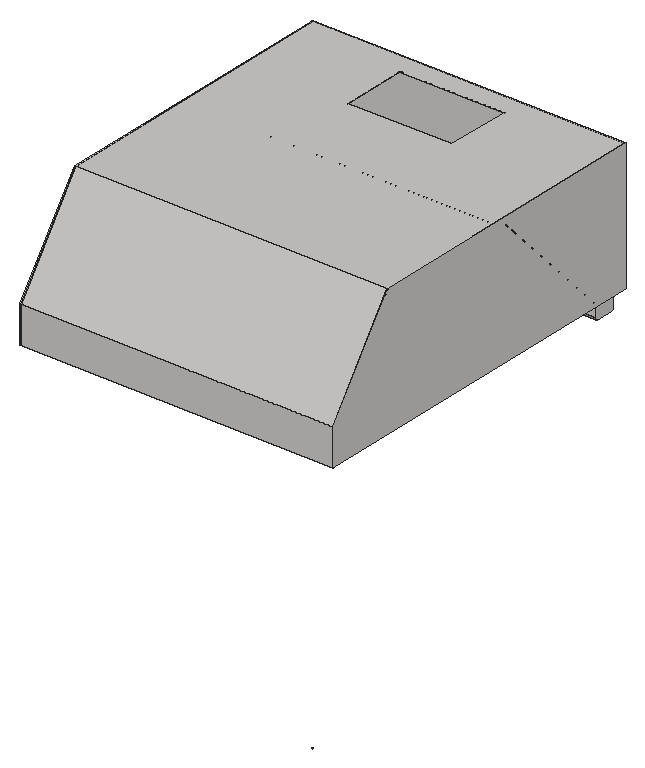
Revit family "QF_ELECTROLUXPROFESSIONAL_642157_BP1412BT", category Specialty Equipment, Revit 2014
Reference planes
  plane 1: z = 0
  plane 2 "Center (Left/Right)": x = 150
  plane 3 "LEFT": x = -450
  plane 4 "RIGHT": x = 750
  plane 5 "BACK": y = 550
  plane 6 "TOP": z = 2500
  plane 7 "Base": z = 2000
  plane 8: z = 1926
  plane 9 "DrainY": y = 485
  plane 10: x = -447
  plane 11: through (0, 414.509, 2000.8) normal (0, 0.7314, 0.682)
  plane 12: y = 470
  plane 13: y = 220
  plane 14 "DrainX": x = 632
  plane 15: x = 350
  plane 16: x = -50
  plane 17: x = 747
  plane 18: x = 542
  plane 19: x = 722
  plane 20: x = -410
  plane 21: x = -410
  plane 22: x = -10
  plane 23: x = 710
  plane 24: x = 710
  plane 25: x = 310
  plane 26: z = 2140
  plane 27: y = -590
  plane 28 "Center (Front/Back)": y = -150
  plane 29 "Front": y = -850
Forms (mm)
  Extrusion 1, solid, material "QF_Finishes_Stainless Steel"
    sketch origin (-450, 0, 360) x (0, 1, 0) y (0, 0, 1)
      loop
        line (550, 1640) -> (550, 2140) -> (-590, 2140) -> (-850, 1780) -> (-850, 1640) -> (550, 1640)
    from 0 to 3
  Extrusion 2, solid, material "QF_Finishes_Stainless Steel"
    sketch origin (150, 0, 360) x (0, 1, 0) y (0, 0, 1)
      loop
        line (415.255, 1640) -> (550, 1640) -> (550, 2139.19) -> (549.2, 2139.19) -> (549.2, 1640.8) -> (415.876, 1640.8) -> (339.347, 1722.867) -> (349.609, 1732.436) -> (348.927, 1733.167) -> (337.934, 1722.917) -> (415.255, 1640)
      loop
        line (-82.203, 2139.19) -> (-82.203, 2118.6) -> (-31.047, 2118.6) -> (34.354, 2048.466) -> (46.028, 2059.352) -> (45.346, 2060.083) -> (34.403, 2049.879) -> (-30.612, 2119.6) -> (-81.203, 2119.6) -> (-81.203, 2139.19) -> (-82.203, 2139.19)
    from -597 to 597
  Extrusion 3, solid, material "QF_Finishes_Stainless Steel"
    sketch origin (750, 0, 360) x (0, 1, 0) y (0, 0, 1)
      loop
        line (550, 1640) -> (550, 2140) -> (-590, 2140) -> (-850, 1780) -> (-850, 1640) -> (550, 1640)
    from 0 to -3
  Extrusion 4, solid, material "QF_Finishes_Stainless Steel"
    sketch origin (150, 0, 360) x (0, 1, 0) y (0, 0, 1)
      loop
        line (550, 2139.19) -> (550, 2140) -> (-590, 2140) -> (-850, 1780) -> (-850, 1640) -> (-849.2, 1640) -> (-849.2, 1779.741) -> (-589.598, 2139.19) -> (550, 2139.19)
    from -600 to 600
  Extrusion 5, solid, material "QF_Finishes_Stainless Steel"
    sketch origin (150, 0, 360) x (0, 1, 0) y (0, 0, 1)
      loop
        line (534, 1640) -> (436, 1640) -> (436, 1627) -> (443.5, 1627) -> (443.5, 1576)
        arc (443.5, 1576) -> (446.429, 1568.929) -> (453.5, 1566) r 10
        line (453.5, 1566) -> (516.5, 1566)
        arc (516.5, 1566) -> (523.571, 1568.929) -> (526.5, 1576) r 10
        line (526.5, 1576) -> (526.5, 1627) -> (534, 1627) -> (534, 1640)
    from 392 to 572
  Extrusion 6, solid, material "QF_Finishes_Stainless Steel"
    sketch origin (0, 0, 2000) x (0, 1, 0) y (-1, 0, 0)
      loop
        circle (485, -632) r 20
    from -76 to -74
  Extrusion 7, solid, material "QF_Finishes_Stainless Steel"
    sketch origin (150, 0, 360) x (0, 1, 0) y (0, 0, 1)
      loop
        line (337.934, 1722.917) -> (341.591, 1726.327) -> (38.011, 2051.876) -> (34.354, 2048.466) -> (337.934, 1722.917)
    from 160 to -160
  Extrusion 8, solid, material "QF_Finishes_Stainless Steel"
    sketch origin (150, 0, 360) x (0, 1, 0) y (0, 0, 1)
      loop
        line (337.934, 1722.917) -> (341.591, 1726.327) -> (38.011, 2051.876) -> (34.354, 2048.466) -> (337.934, 1722.917)
    from 597 to 560
  Extrusion 9, solid, material "QF_Finished_Chrome"
    sketch origin (150, 0, 360) x (0, 1, 0) y (0, 0, 1)
      loop
        line (341.588, 1726.324) -> (38.009, 2051.874) -> (34.354, 2048.466) -> (337.934, 1722.917) -> (341.588, 1726.324)
    from -560 to -160
  Extrusion 10, void
    sketch origin (700, 0, 2500) x (0, 1, 0) y (-1, 0, 0)
      loop
        line (470, 750) -> (220, 750) -> (220, 350) -> (470, 350) -> (470, 750)
    from 0 to -10
  Extrusion 11, solid, material "QF_Finishes_Stainless Steel"
    sketch origin (0, 0, 0) x (1, 0, 0) y (0, 1, 0)
      loop
        line (-450, 550) -> (-450, 549) -> (-449, 549) -> (-449, 550) -> (-450, 550)
    from 0 to 1
  Extrusion 12, solid, material "QF_Finishes_Stainless Steel"
    sketch origin (150, 0, 360) x (0, 1, 0) y (0, 0, 1)
      loop
        line (337.934, 1722.917) -> (341.591, 1726.327) -> (38.011, 2051.876) -> (34.354, 2048.466) -> (337.934, 1722.917)
    from -560 to -597
  Extrusion 13, solid, material "QF_Finished_Chrome"
    sketch origin (150, 0, 360) x (0, 1, 0) y (0, 0, -1)
      loop
        line (341.588, -1726.324) -> (337.934, -1722.917) -> (34.354, -2048.466) -> (38.009, -2051.874) -> (341.588, -1726.324)
    from -560 to -160
Cuts and joins
  Extrusion 10 cuts Extrusion 4
  joined: Extrusion 2, Extrusion 4
Lines and regions (mm)
  symbolic lines, style "SpecialityEquipment", detail levels coarse
    curve 1: line (750, 550, 2500) -> (-450, 550, 2500)
    curve 2: line (-450, 550, 2500) -> (-450, -850, 2500)
    curve 3: line (750, -850, 2500) -> (750, 550, 2500)
    curve 4: line (-50, 220, 2500) -> (350, 220, 2500)
    curve 5: line (-50, 470, 2500) -> (-50, 220, 2500)
    curve 6: line (350, 470, 2500) -> (-50, 470, 2500)
    curve 7: line (350, 220, 2500) -> (350, 470, 2500)
    curve 8: line (-450, -590, 0) -> (750, -590, 0)
    curve 9: line (-450, 550, 0) -> (750, -590, 0)
    curve 10: line (750, 550, 0) -> (-450, -590, 0)
    curve 11: line (-450, -850, 2500) -> (750, -850, 2500)
Dimensions and locks
  plane 3 "LEFT" to plane 4 "RIGHT" = 1200 mm
  equal spacing: plane 3 "LEFT", plane 2 "Center (Left/Right)", plane 4 "RIGHT"
  locked: plane 6 "TOP" to plane 7 "Base" at 500
  plane 7 "Base" to plane 8 = 74 mm
  plane 5 "BACK" to plane 9 "DrainY" = 65 mm  (x2)
  plane 3 "LEFT" to plane 10 = 3 mm
  plane 5 "BACK" to plane 12 = 80 mm
  plane 12 to plane 13 = 250 mm  (x2)
  plane 14 "DrainX" to plane 4 "RIGHT" = 118 mm
  plane 17 to plane 4 "RIGHT" = 3 mm
  locked: plane 18 to plane 14 "DrainX" at 90
  locked: plane 14 "DrainX" to plane 19 at 90
  plane 12 to plane 5 "BACK" = 80 mm
  plane 26 to plane 7 "Base" = 140 mm
  locked: plane 7 "Base" to level at 2000
  plane 5 "BACK" to plane 29 "Front" = 1400 mm  (x2)
  equal spacing: plane 5 "BACK", plane 28 "Center (Front/Back)", plane 29 "Front"
  locked: plane 16 to plane 15 at 400
  equal spacing: plane 22, plane 2 "Center (Left/Right)", plane 25
  equal spacing: plane 16, plane 2 "Center (Left/Right)", plane 15
  locked: plane 22 to plane 25 at 320
  locked: plane 3 "LEFT" to plane 20 at 40
  locked: plane 23 to plane 4 "RIGHT" at 40
  locked: plane 21 to plane 22 at 400
  locked: plane 25 to plane 24 at 400
  plane 20 to plane 21 = 0 mm
  plane 24 to plane 23 = 0 mm
  aligned and locked: level to plane 1
  aligned and locked: Extrusion 2 to Extrusion 1
  aligned and locked: Extrusion 2 to Extrusion 3
  aligned and locked: plane 4 "RIGHT" to Extrusion 4
  aligned and locked: Extrusion 4 to plane 3 "LEFT"
  aligned and locked: plane 17 to Extrusion 8
  aligned and locked: plane 16 to Extrusion 10
  aligned and locked: Extrusion 10 to plane 15
  aligned and locked: Extrusion 10 to plane 13
  aligned and locked: Extrusion 10 to plane 12
  aligned and locked: plane 19 to Extrusion 5
  aligned and locked: Extrusion 5 to plane 18
  aligned and locked: Extrusion 8 to plane 23
  aligned and locked: Extrusion 7 to plane 25
  aligned and locked: Extrusion 7 to plane 22
  aligned and locked: plane 22 to Extrusion 9
  aligned and locked: Extrusion 9 to plane 21
  aligned and locked: Extrusion 12 to plane 10
  aligned and locked: plane 20 to Extrusion 12
  aligned and locked: Extrusion 13 to plane 25
  aligned and locked: Extrusion 13 to plane 24
  aligned and locked: Extrusion 3 to plane 17
Automatic sketch dimensions
  Extrusion 2 sketch curve to plane 11 = 0 mm  (x3)
  Extrusion 2 sketch curve to plane 7 "Base" = 0 mm
  plane 11 to Extrusion 2 sketch curve = 0 mm
  Extrusion 2 sketch curve to plane 5 "BACK" = 0 mm
  Extrusion 2 sketch curve to Extrusion 2 sketch curve = 65.646 mm
  Extrusion 2 sketch curve to Extrusion 2 sketch curve = 0.682 mm  (x2)
  Extrusion 2 sketch curve to Extrusion 2 sketch curve = 10.261 mm
  plane 7 "Base" to Extrusion 2 sketch curve = 82.917 mm
  Extrusion 2 sketch curve to Extrusion 2 sketch curve = 10.942 mm
  Extrusion 2 sketch curve to Extrusion 2 sketch curve = 0.049 mm
  Extrusion 2 sketch curve to plane 6 "TOP" = 20.4 mm
  Extrusion 2 sketch curve to plane 6 "TOP" = 21.4 mm
  Extrusion 2 sketch curve to plane 6 "TOP" = 0.81 mm  (x2)
  Extrusion 2 sketch curve to Extrusion 2 sketch curve = 50.156 mm
  Extrusion 2 sketch curve to Extrusion 2 sketch curve = 1 mm
  plane 7 "Base" to Extrusion 2 sketch curve = 0.8 mm
  Extrusion 2 sketch curve to plane 5 "BACK" = 0.8 mm
  Extrusion 5 sketch curve to plane 7 "Base" = 0 mm
  Extrusion 5 sketch curve to plane 8 = 0 mm
  Extrusion 5 sketch curve to plane 7 "Base" = 13 mm  (x2)
  plane 12 to Extrusion 5 sketch curve = 34 mm
  Extrusion 5 sketch curve to Extrusion 5 sketch curve = 7.5 mm  (x2)
  Extrusion 5 sketch curve to Extrusion 5 sketch curve = 10 mm
  plane 9 "DrainY" to Extrusion 5 sketch curve = 31.5 mm
  Extrusion 5 sketch curve to plane 5 "BACK" = 23.5 mm
  Extrusion 6 sketch curve to plane 9 "DrainY" = 0 mm
  Extrusion 6 sketch curve to plane 14 "DrainX" = 0 mm
  Extrusion 7 sketch curve to plane 11 = 0 mm  (x2)
  Extrusion 7 sketch curve to Extrusion 7 sketch curve = 3.657 mm
  plane 7 "Base" to Extrusion 7 sketch curve = 82.917 mm
  Extrusion 8 sketch curve to plane 11 = 0 mm  (x2)
  Extrusion 8 sketch curve to Extrusion 8 sketch curve = 3.657 mm
  plane 7 "Base" to Extrusion 8 sketch curve = 82.917 mm
  Extrusion 9 sketch curve to plane 11 = 0 mm  (x2)
  Extrusion 9 sketch curve to Extrusion 9 sketch curve = 3.655 mm
  plane 7 "Base" to Extrusion 9 sketch curve = 82.917 mm
  Extrusion 10 sketch curve to plane 13 = 0 mm
  plane 12 to Extrusion 10 sketch curve = 0 mm
  Extrusion 10 sketch curve to plane 15 = 0 mm
  Extrusion 10 sketch curve to plane 16 = 0 mm
  Extrusion 11 sketch curve to plane 3 "LEFT" = 0 mm
  Extrusion 11 sketch curve to plane 5 "BACK" = 0 mm
  plane 3 "LEFT" to Extrusion 11 sketch curve = 1 mm
  Extrusion 11 sketch curve to plane 5 "BACK" = 1 mm
  Extrusion 12 sketch curve to plane 11 = 0 mm  (x2)
  Extrusion 12 sketch curve to Extrusion 12 sketch curve = 3.657 mm
  plane 7 "Base" to Extrusion 12 sketch curve = 82.917 mm
  Extrusion 13 sketch curve to plane 11 = 0 mm  (x2)
  Extrusion 13 sketch curve to Extrusion 13 sketch curve = 3.655 mm
  plane 7 "Base" to Extrusion 13 sketch curve = 82.917 mm
  Extrusion 4 sketch curve to plane 6 "TOP" = 0 mm
  Extrusion 4 sketch curve to plane 27 = 0 mm
  Extrusion 4 sketch curve to plane 5 "BACK" = 0 mm
  Extrusion 4 sketch curve to plane 7 "Base" = 0 mm
  Extrusion 4 sketch curve to plane 26 = 0 mm
  Extrusion 4 sketch curve to plane 26 = 0.259 mm
  Extrusion 4 sketch curve to Extrusion 4 sketch curve = 0.81 mm
  Extrusion 4 sketch curve to plane 27 = 0.402 mm
  Extrusion 1 sketch curve to plane 6 "TOP" = 0 mm
  Extrusion 1 sketch curve to plane 27 = 0 mm
  Extrusion 1 sketch curve to plane 5 "BACK" = 0 mm
  Extrusion 1 sketch curve to plane 7 "Base" = 0 mm
  Extrusion 1 sketch curve to plane 26 = 0 mm
  Extrusion 3 sketch curve to plane 6 "TOP" = 0 mm
  Extrusion 3 sketch curve to plane 27 = 0 mm
  Extrusion 3 sketch curve to plane 5 "BACK" = 0 mm
  Extrusion 3 sketch curve to plane 7 "Base" = 0 mm
  Extrusion 3 sketch curve to plane 26 = 0 mm
  curve 10 to plane 3 "LEFT" = 0 mm
  curve 9 to plane 3 "LEFT" = 0 mm
  curve 10 to plane 4 "RIGHT" = 0 mm
  curve 8 to plane 4 "RIGHT" = 0 mm
  plane 27 to curve 8 = 0 mm
  curve 10 to plane 5 "BACK" = 0 mm
  curve 9 to plane 5 "BACK" = 0 mm
  plane 27 to Extrusion 1 sketch curve = 260 mm
  plane 27 to Extrusion 3 sketch curve = 260 mm
  plane 27 to Extrusion 4 sketch curve = 259.2 mm
  Extrusion 4 sketch curve to Extrusion 4 sketch curve = 0.8 mm
  Extrusion 2 sketch curve to plane 6 "TOP" = 91.534 mm
  Extrusion 7 sketch curve to plane 6 "TOP" = 88.124 mm
  Extrusion 8 sketch curve to plane 6 "TOP" = 88.124 mm
  Extrusion 9 sketch curve to plane 6 "TOP" = 88.126 mm
  Extrusion 12 sketch curve to plane 6 "TOP" = 88.124 mm
  Extrusion 13 sketch curve to plane 6 "TOP" = 88.126 mm
  curve 11 to plane 3 "LEFT" = 0 mm
  curve 11 to plane 29 "Front" = 0 mm
  curve 3 to plane 4 "RIGHT" = 0 mm
  curve 4 to plane 13 = 0 mm
  plane 12 to curve 5 = 0 mm
  curve 2 to plane 5 "BACK" = 0 mm
  curve 7 to plane 15 = 0 mm
  curve 4 to plane 16 = 0 mm
  radius of Extrusion 6 sketch curve = 20 mm
Connectors
  piping at (632, 485, 1924), diameter 20
    settings: on Extrusion 6, index 1, connector inside diameter 609.6 mm, connector length 0 mm, flow factor 0, pipe flow 0.0 L/s, pressure drop 0.0 Pa, fitting loss kfactor 0, connector angle 0.00°, fixture units 0, engagement length 0 mm, angle of deflection 0.00°, flow configuration 1, flow direction 2, fitting loss method 0, system type 16, joint type 0, gender type 0, connector reference index -1, connector utility 0, adjustable connector no, is connector primary yes, connector description "Drain"
  hvac at (150, 345, 2500)
    settings: on Extrusion 10, index 2, duct flow 0.0 L/s, flow factor 0, pres drop 0.0 Pa, loss coef 0, conn angle 0.00°, conn width 250 mm, conn height 400 mm, conn diameter 609.6 mm, duct sys type 3, conn prof type 1, flow config 1, flow direction 0, loss method 0, conn ref index -1, conn util no, is conn primary yes, conn desc "EXHAUST OUTLET"
